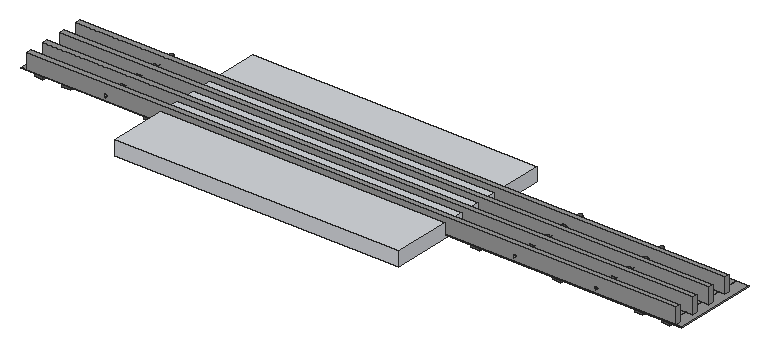
Revit family "1413-4, Solid", category Generic Models, host Face, Revit 2020
Family settings
  Host = Face
  Can host rebar = No
  Round Connector Dimension = Use Diameter
  Part Type = Normal
  Cut with Voids When Loaded = No
  Shared = No
  Room Calculation Point = No
Parameters
  min_value [instance] = 2' - 4"  # constant formula
  max_value [instance] = 11' - 11 1/4"  # constant formula
  actual_value [instance] = if(NET LENGTH < min_value, min_value, if(NET LENGTH > max_value, max_value, NET LENGTH))  # 7' - 11 1/4"
  SCRIM MATERIAL [instance] = SCRIM
  SCRIM APPEARANCE [instance] = yes
  NET LENGTH [instance] = 7' - 11 1/4"
  IMPORTANT NOTE!!!                                                                             *Backer & dowel layout is for visualization purposes only, final layout to be determined by 9Wood. [instance] = ""
  Default Elevation = 4' - 0"
  DOWEL RADIUS [instance] = 0' - 0 1/4"  # constant formula
  BACKER & DOWEL MATERIAL [instance] = BLACK-BACKERS
  .. MEMBER WIDTH [instance] = 0' - 0 3/4"  # constant formula
  .. MEMBER MATERIAL [instance] = Solid Western Hemlock
  .. MEMBER DEPTH [instance] = 0' - 2 1/4"  # constant formula
  .. MEMBER COUNT [instance] = 4  # constant formula
Reference planes (in)
  plane 1 "Center (Front/Back)": y = 0
  plane 2: z = 0
  plane 3 "Center (Left/Right)": x = 0
Forms (in)
  Extrusion 1, solid
    sketch origin (0, 0, 0) x (1, 0, 0) y (0, 1, 0)
      loop
        line (-24.24823, 14.63962) -> (-24.24823, -10.69266) -> (17.36192, -10.69266) -> (17.36192, 14.63962) -> (-24.24823, 14.63962)
    from 0 to 2.0625
Dimensions and locks (in)
  aligned and locked: plane 2 to Extrusion 1
Nested families (in)
  nested 1: "1400 series" at (-44.01308, -2.1224, 0.00189), NET LENGTH <- "actual_value", .. MEMBER DEPTH <- ".. MEMBER DEPTH", .. MEMBER WIDTH <- ".. MEMBER WIDTH", DOWEL RADIUS <- "DOWEL RADIUS", BACKER & DOWEL MATERIAL <- "BACKER & DOWEL MATERIAL", .. MEMBER MATERIAL <- ".. MEMBER MATERIAL", SCRIM MATERIAL <- "SCRIM MATERIAL", MEMBER COUNT <- ".. MEMBER COUNT", SCRIM APPEARANCE <- "SCRIM APPEARANCE", type "1400 series"
    with X 7' - 8", SCRIM MATERIAL SCRIM, SCRIM LENGTH 8' - 1", SCRIM APPEARANCE yes, SCRIM 2 0' - 0 7/8", SCRIM 1 0' - 0 3/32", OC TYP 1' - 0", NET LENGTH 7' - 11 1/4", N 8, MEMBER COUNT 4, INSET 2 0' - 0 3/16", INSET 0' - 1", HALF MEMBER WIDTH 0' - 0 3/8", END BACKER yes, DOWEL RADIUS 0' - 0 1/4", DOWEL INDEX 0' - 11 5/8", DOWEL COUNT 7, BACKING M COUNT 8, BACKER WIDTH 0' - 1 1/4", BACKER INDEX 0' - 5 5/8", BACKER DEPTH 0' - 0 1/2", BACKER & DOWEL MATERIAL BLACK-BACKERS, BACKER &  DOWEL LENGTH 0' - 11 7/8", .. MEMBER WIDTH 0' - 0 3/4", .. MEMBER OC TYP 0' - 3", .. MEMBER MATERIAL Solid Western Hemlock, .. MEMBER DEPTH 0' - 2 1/4"
Definition of nested family "1400 series"
  Parameters (values of type "1400 series")
    X [instance] = NET LENGTH - 0' 3 1/4"  # 7' - 2"
    SCRIM MATERIAL [instance] = none
    SCRIM APPEARANCE [instance] = yes
    SCRIM 2 [instance] = 0' - 0 7/8"  # constant formula
    SCRIM 1 [instance] = 0' - 0 3/32"  # constant formula
    OC TYP [instance] = 1' - 0"  # constant formula
    N [instance] = if((X - (rounddown(X / 1' 0") * 1' 0")) > 1' 0", rounddown(X / 1' 0") + 2, rounddown(X / 1' 0") + 1)  # 8
    MEMBER COUNT [instance] = 2
    INSET 5 = 0' - 0 11/16"  # constant formula
    INSET 2 [instance] = 0' - 0 3/16"  # constant formula
    INSET [instance] = 0' - 1"  # constant formula
    END BACKER [instance] = BACKER INDEX > 0' 3 5/8"  # no
    HALF MEMBER WIDTH [instance] = .. MEMBER WIDTH / 2  # 0' - 1 1/8"
    Default Elevation = 0' - 0"
    DOWEL RADIUS [instance] = 0' - 0 1/4"
    DOWEL INDEX [instance] = BACKER INDEX + 0' 6"  # 0' - 8 5/8"
    DOWEL COUNT [instance] = N - 1  # 7
    BACKER WIDTH [instance] = 0' - 1 1/4"  # constant formula
    BACKER INDEX [instance] = (NET LENGTH - ((N - 1) * 1' 0")) / 2  # 0' - 2 5/8"
    BACKER DEPTH [instance] = 0' - 0 1/2"  # constant formula
    BACKING M COUNT [instance] = N  # 8
    BACKER & DOWEL MATERIAL [instance] = none
    BACKER &  DOWEL LENGTH [instance] = 0' - 11 7/8"  # constant formula
    SCRIM LENGTH [instance] = NET LENGTH + (SCRIM 2 * 2)  # 7' - 7"
    .. MEMBER WIDTH [instance] = 0' - 2 1/4"
    .. MEMBER OC TYP [instance] = 1' 0" / MEMBER COUNT  # 0' - 6"
    .. MEMBER MATERIAL [instance] = none
    NET LENGTH [instance] = 7' - 5 1/4"
    .. MEMBER DEPTH [instance] = 0' - 4"
  Reference planes (in)
    plane 1 "Center (Front/Back)": y = 0
    plane 2: z = 0
    plane 3 "Center (Left/Right)": x = 0
    plane 4: x = 89.25
    plane 5: x = 1
    plane 6: x = 88.25
    plane 7: x = 2.625
    plane 8: x = 8.625
    plane 9: x = 14.625
    plane 10: x = 20.625
    plane 11: y = 0.1875
    plane 12: y = 1.125
    plane 13: y = 7.125
    plane 14: y = 12.0625
    plane 15: x = 90.125
    plane 16: x = -0.875
    plane 17: y = 12.15625
    plane 18: y = -0.09375
    plane 19: z = 2.7097
    plane 20: z = 0.49811
    plane 21: z = 0.56061
    plane 22: z = 1.24811
  Lines and regions (in)
    model lines, not visible
      curve 1: line (8.625, 0, 0.99811) -> (8.625, 0, 1.49811)
      curve 2: line (8.625, 0, 1.49811) -> (8.375, 0, 1.24811)
      curve 3: line (8.375, 0, 1.24811) -> (8.875, 0, 1.24811)
      curve 4: line (20.625, 0, 0.99811) -> (20.625, 0, 1.49811)
      curve 5: line (20.625, 0, 1.49811) -> (20.375, 0, 1.24811)
      curve 6: line (20.375, 0, 1.24811) -> (20.875, 0, 1.24811)
      curve 7: line (32.625, 0, 0.99811) -> (32.625, 0, 1.49811)
      curve 8: line (32.625, 0, 1.49811) -> (32.375, 0, 1.24811)
      curve 9: line (32.375, 0, 1.24811) -> (32.875, 0, 1.24811)
      curve 10: line (44.625, 0, 0.99811) -> (44.625, 0, 1.49811)
      curve 11: line (44.625, 0, 1.49811) -> (44.375, 0, 1.24811)
      curve 12: line (44.375, 0, 1.24811) -> (44.875, 0, 1.24811)
      curve 13: line (56.625, 0, 0.99811) -> (56.625, 0, 1.49811)
      curve 14: line (56.625, 0, 1.49811) -> (56.375, 0, 1.24811)
      curve 15: line (56.375, 0, 1.24811) -> (56.875, 0, 1.24811)
      curve 16: line (68.625, 0, 0.99811) -> (68.625, 0, 1.49811)
      curve 17: line (68.625, 0, 1.49811) -> (68.375, 0, 1.24811)
      curve 18: line (68.375, 0, 1.24811) -> (68.875, 0, 1.24811)
      curve 19: line (80.625, 0, 0.99811) -> (80.625, 0, 1.49811)
      curve 20: line (80.625, 0, 1.49811) -> (80.375, 0, 1.24811)
      curve 21: line (80.375, 0, 1.24811) -> (80.875, 0, 1.24811)
  Dimensions and locks (in)
    "INSET": plane 3 "Center (Left/Right)" to plane 5
    "NET LENGTH": plane 3 "Center (Left/Right)" to plane 4
    "INSET": plane 6 to plane 4
    "BACKER INDEX": plane 3 "Center (Left/Right)" to plane 7
    "DOWEL INDEX": plane 3 "Center (Left/Right)" to plane 8
    "OC TYP": plane 7 to plane 9
    "OC TYP": plane 8 to plane 10
    "INSET 2": plane 1 "Center (Front/Back)" to plane 11
    equal spacing: group 1, group 2, group 5, group 6, group 7, group 13, group 14, group 16  (x3)
    equal spacing: group 3, group 4, group 8, group 9, group 10, group 15, group 17  (x3)
    group 11 to group 12 = 0' - 0"  (x2)
    group 11 to group 12 = 0' - 6"
    ".. MEMBER OC TYP": plane 13 to plane 12
    "HALF MEMBER WIDTH": plane 1 "Center (Front/Back)" to plane 12
    "SCRIM 2": plane 16 to plane 3 "Center (Left/Right)"
    "SCRIM 2": plane 4 to plane 15
    "SCRIM 1": plane 18 to plane 1 "Center (Front/Back)"
    "SCRIM 1": plane 17 to plane 14
    "INSET 5": plane 22 to plane 21
    aligned and locked: level to plane 2
    aligned and locked: plane 7 to nested 2
    aligned and locked: plane 5 to nested 1
    aligned and locked: plane 9 to nested 3
    aligned and locked: nested 1 to plane 5
    aligned and locked: nested 2 to plane 11
    aligned and locked: nested 1 to plane 11
    aligned and locked: nested 3 to plane 11
    aligned and locked: nested 4 to plane 11  (x2)
    aligned and locked: plane 10 to nested 5
    aligned and locked: plane 6 to nested 12
    aligned and locked: nested 5 to plane 11
    aligned and locked: plane 11 to nested 12
    aligned and locked: plane 12 to nested 13
    aligned and locked: nested 14 to plane 13
    aligned and locked: plane 14 to nested 8
    aligned and locked: plane 16 to nested 15
    aligned and locked: nested 15 to plane 18
    aligned and locked: nested 15 to plane 17
    aligned and locked: nested 15 to plane 16  (x2)
    aligned and locked: nested 1 to level
    aligned and locked: level to nested 3
    aligned and locked: plane 20 to nested 2
    aligned and locked: plane 20 to nested 1
    aligned and locked: plane 20 to nested 3
    aligned and locked: nested 12 to plane 20
    aligned and locked: nested 15 to plane 20
    aligned and locked: plane 21 to nested 15
    aligned and locked: nested 13 to plane 21
    aligned and locked: plane 22 to nested 4
    aligned and locked: plane 22 to nested 5
    aligned and locked: nested 13 to plane 8
    aligned and locked: plane 10 to nested 13
    aligned and locked: curve 1 to nested 13
    aligned and locked: nested 13 to curve 4
  Automatic sketch dimensions
    curve 3 to curve 1 = 0' - 0 1/4"  (x2)
    curve 1 to curve 3 = 0' - 0 1/4"
    curve 1 to curve 2 = 0' - 0 1/4"
    curve 6 to curve 4 = 0' - 0 1/4"  (x2)
    curve 4 to curve 6 = 0' - 0 1/4"
    curve 4 to curve 5 = 0' - 0 1/4"
    curve 9 to curve 7 = 0' - 0 1/4"  (x2)
    curve 7 to curve 9 = 0' - 0 1/4"
    curve 7 to curve 8 = 0' - 0 1/4"
    curve 12 to curve 10 = 0' - 0 1/4"  (x2)
    curve 10 to curve 12 = 0' - 0 1/4"
    curve 10 to curve 11 = 0' - 0 1/4"
    curve 15 to curve 13 = 0' - 0 1/4"  (x2)
    curve 13 to curve 15 = 0' - 0 1/4"
    curve 13 to curve 14 = 0' - 0 1/4"
    curve 18 to curve 16 = 0' - 0 1/4"  (x2)
    curve 16 to curve 18 = 0' - 0 1/4"
    curve 16 to curve 17 = 0' - 0 1/4"
    curve 21 to curve 19 = 0' - 0 1/4"  (x2)
    curve 19 to curve 21 = 0' - 0 1/4"
    curve 19 to curve 20 = 0' - 0 1/4"
  Nested families (in)
    nested 1: "INSTANCE - 3RD -  EXTEND BOTH SIDES - Parametric Cube.0001" at (1, 0.1875, 0.49811), Length <- "BACKER &  DOWEL LENGTH", Width <- "BACKER WIDTH", Height <- "BACKER DEPTH", Material <- "BACKER & DOWEL MATERIAL", visible <- "END BACKER", type "INSTANCE - 3RD -  EXTEND BOTH SIDES - Parametric Cube.0001"
      with Width 0' - 1 1/4", Material none, Length 0' - 11 7/8", Height 0' - 0 1/2"
    nested 2: "INSTANCE - 2ND -  EXTEND SIDE H CENTER W - Parametric Cube.0001" at (2.625, 0.1875, 0.49811), Width <- "BACKER WIDTH", Length <- "BACKER &  DOWEL LENGTH", Height <- "BACKER DEPTH", Material <- "BACKER & DOWEL MATERIAL", type "INSTANCE - 2ND -  EXTEND SIDE H CENTER W - Parametric Cube.0001"
      with Width 0' - 1 1/4", Material none, Length 0' - 11 7/8", Height 0' - 0 1/2"
    nested 3: "INSTANCE - 2ND -  EXTEND SIDE H CENTER W - Parametric Cube.0001" at (14.625, 0.1875, 0.49811), Width <- "BACKER WIDTH", Length <- "BACKER &  DOWEL LENGTH", Height <- "BACKER DEPTH", Material <- "BACKER & DOWEL MATERIAL", type "INSTANCE - 2ND -  EXTEND SIDE H CENTER W - Parametric Cube.0001"
      with Width 0' - 1 1/4", Material none, Length 0' - 11 7/8", Height 0' - 0 1/2"
    nested 4: "DOWEL" at (-1.375, 0.1875, 1.24811), DOWEL LENGTH <- "BACKER &  DOWEL LENGTH", DOWEL RADII <- "DOWEL RADIUS", BACKING MEM MATERIAL <- "BACKER & DOWEL MATERIAL", type "DOWEL"
      with DOWEL RADII 0' - 0 1/4", DOWEL LENGTH 0' - 11 7/8", BACKING MEM MATERIAL none
    nested 5: "DOWEL" at (10.625, 0.1875, 1.24811), DOWEL LENGTH <- "BACKER &  DOWEL LENGTH", DOWEL RADII <- "DOWEL RADIUS", BACKING MEM MATERIAL <- "BACKER & DOWEL MATERIAL", type "DOWEL"
      with DOWEL RADII 0' - 0 1/4", DOWEL LENGTH 0' - 11 7/8", BACKING MEM MATERIAL none
    nested 6: "INSTANCE - 2ND -  EXTEND SIDE H CENTER W - Parametric Cube.0001" at (26.625, 0.1875, 0.49811), Width <- "BACKER WIDTH", Length <- "BACKER &  DOWEL LENGTH", Height <- "BACKER DEPTH", Material <- "BACKER & DOWEL MATERIAL", type "INSTANCE - 2ND -  EXTEND SIDE H CENTER W - Parametric Cube.0001"
      with Width 0' - 1 1/4", Material none, Length 0' - 11 7/8", Height 0' - 0 1/2"
    nested 7: "INSTANCE - 2ND -  EXTEND SIDE H CENTER W - Parametric Cube.0001" at (38.625, 0.1875, 0.49811), Width <- "BACKER WIDTH", Length <- "BACKER &  DOWEL LENGTH", Height <- "BACKER DEPTH", Material <- "BACKER & DOWEL MATERIAL", type "INSTANCE - 2ND -  EXTEND SIDE H CENTER W - Parametric Cube.0001"
      with Width 0' - 1 1/4", Material none, Length 0' - 11 7/8", Height 0' - 0 1/2"
    nested 8: "INSTANCE - 2ND -  EXTEND SIDE H CENTER W - Parametric Cube.0001" at (50.625, 0.1875, 0.49811), Width <- "BACKER WIDTH", Length <- "BACKER &  DOWEL LENGTH", Height <- "BACKER DEPTH", Material <- "BACKER & DOWEL MATERIAL", type "INSTANCE - 2ND -  EXTEND SIDE H CENTER W - Parametric Cube.0001"
      with Width 0' - 1 1/4", Material none, Length 0' - 11 7/8", Height 0' - 0 1/2"
    nested 9: "DOWEL" at (22.625, 0.1875, 1.24811), DOWEL LENGTH <- "BACKER &  DOWEL LENGTH", DOWEL RADII <- "DOWEL RADIUS", BACKING MEM MATERIAL <- "BACKER & DOWEL MATERIAL", type "DOWEL"
      with DOWEL RADII 0' - 0 1/4", DOWEL LENGTH 0' - 11 7/8", BACKING MEM MATERIAL none
    nested 10: "DOWEL" at (34.625, 0.1875, 1.24811), DOWEL LENGTH <- "BACKER &  DOWEL LENGTH", DOWEL RADII <- "DOWEL RADIUS", BACKING MEM MATERIAL <- "BACKER & DOWEL MATERIAL", type "DOWEL"
      with DOWEL RADII 0' - 0 1/4", DOWEL LENGTH 0' - 11 7/8", BACKING MEM MATERIAL none
    nested 11: "DOWEL" at (46.625, 0.1875, 1.24811), DOWEL LENGTH <- "BACKER &  DOWEL LENGTH", DOWEL RADII <- "DOWEL RADIUS", BACKING MEM MATERIAL <- "BACKER & DOWEL MATERIAL", type "DOWEL"
      with DOWEL RADII 0' - 0 1/4", DOWEL LENGTH 0' - 11 7/8", BACKING MEM MATERIAL none
    nested 12: "INSTANCE - 3RD -  EXTEND BOTH SIDES - Parametric Cube.0001" at (88.25, 0.1875, 0.49811) x (-1, 0, 0) z (0, 0, 1), Width <- "BACKER WIDTH", Length <- "BACKER &  DOWEL LENGTH", Height <- "BACKER DEPTH", Material <- "BACKER & DOWEL MATERIAL", visible <- "END BACKER", type "INSTANCE - 3RD -  EXTEND BOTH SIDES - Parametric Cube.0001"
      with Width 0' - 1 1/4", Material none, Length 0' - 11 7/8", Height 0' - 0 1/2"
    nested 13: "HOLED MEMBER" at (0, -9.75, 8.12965), DOWEL INDEX <- "DOWEL INDEX", .. MEMBER LENGTH <- "NET LENGTH", .. MEMBER WIDTH <- ".. MEMBER WIDTH", DOWEL OC DIST <- "OC TYP", DOWEL RADII <- "DOWEL RADIUS", Material <- ".. MEMBER MATERIAL", DEPTH <- ".. MEMBER DEPTH", DOWEL COUNT <- "DOWEL COUNT", Space <- "INSET 5", type "HOLED MEMBER"
      with Space 0' - 0 11/16", Material none, Height 0' - 10.43096", HALF MEMBER WIDTH 0' - 1 1/8", DOWEL RADII 0' - 0 1/4", DOWEL OC DIST 1' - 0", DOWEL INDEX 0' - 8 5/8", DOWEL COUNT 7, DEPTH 0' - 4", .. MEMBER WIDTH 0' - 2 1/4", .. MEMBER LENGTH 7' - 5 1/4"
    nested 14: "HOLED MEMBER" at (0, -3.75, 8.12965), DOWEL INDEX <- "DOWEL INDEX", .. MEMBER LENGTH <- "NET LENGTH", .. MEMBER WIDTH <- ".. MEMBER WIDTH", DOWEL OC DIST <- "OC TYP", DOWEL RADII <- "DOWEL RADIUS", Material <- ".. MEMBER MATERIAL", DEPTH <- ".. MEMBER DEPTH", DOWEL COUNT <- "DOWEL COUNT", Space <- "INSET 5", type "HOLED MEMBER"
      with Space 0' - 0 11/16", Material none, Height 0' - 10.43096", HALF MEMBER WIDTH 0' - 1 1/8", DOWEL RADII 0' - 0 1/4", DOWEL OC DIST 1' - 0", DOWEL INDEX 0' - 8 5/8", DOWEL COUNT 7, DEPTH 0' - 4", .. MEMBER WIDTH 0' - 2 1/4", .. MEMBER LENGTH 7' - 5 1/4"
    nested 15: "INSTANCE - 3RD -  EXTEND BOTH SIDES - Parametric Cube.0001" at (-0.875, -0.09375, 0.56061), Width <- "SCRIM LENGTH", Material <- "SCRIM MATERIAL", visible <- "SCRIM APPEARANCE", type "INSTANCE - 3RD -  EXTEND BOTH SIDES - Parametric Cube.0001"
      with Width 7' - 7", Material none, Length 1' - 0 1/4", Height 0' - 0 1/16"
    nested 16: "INSTANCE - 2ND -  EXTEND SIDE H CENTER W - Parametric Cube.0001" at (62.625, 0.1875, 0.49811), Width <- "BACKER WIDTH", Length <- "BACKER &  DOWEL LENGTH", Height <- "BACKER DEPTH", Material <- "BACKER & DOWEL MATERIAL", type "INSTANCE - 2ND -  EXTEND SIDE H CENTER W - Parametric Cube.0001"
      with Width 0' - 1 1/4", Material none, Length 0' - 11 7/8", Height 0' - 0 1/2"
    nested 17: "INSTANCE - 2ND -  EXTEND SIDE H CENTER W - Parametric Cube.0001" at (74.625, 0.1875, 0.49811), Width <- "BACKER WIDTH", Length <- "BACKER &  DOWEL LENGTH", Height <- "BACKER DEPTH", Material <- "BACKER & DOWEL MATERIAL", type "INSTANCE - 2ND -  EXTEND SIDE H CENTER W - Parametric Cube.0001"
      with Width 0' - 1 1/4", Material none, Length 0' - 11 7/8", Height 0' - 0 1/2"
    nested 18: "DOWEL" at (58.625, 0.1875, 1.24811), DOWEL LENGTH <- "BACKER &  DOWEL LENGTH", DOWEL RADII <- "DOWEL RADIUS", BACKING MEM MATERIAL <- "BACKER & DOWEL MATERIAL", type "DOWEL"
      with DOWEL RADII 0' - 0 1/4", DOWEL LENGTH 0' - 11 7/8", BACKING MEM MATERIAL none
    nested 19: "INSTANCE - 2ND -  EXTEND SIDE H CENTER W - Parametric Cube.0001" at (86.625, 0.1875, 0.49811), Width <- "BACKER WIDTH", Length <- "BACKER &  DOWEL LENGTH", Height <- "BACKER DEPTH", Material <- "BACKER & DOWEL MATERIAL", type "INSTANCE - 2ND -  EXTEND SIDE H CENTER W - Parametric Cube.0001"
      with Width 0' - 1 1/4", Material none, Length 0' - 11 7/8", Height 0' - 0 1/2"
    nested 20: "DOWEL" at (70.625, 0.1875, 1.24811), DOWEL LENGTH <- "BACKER &  DOWEL LENGTH", DOWEL RADII <- "DOWEL RADIUS", BACKING MEM MATERIAL <- "BACKER & DOWEL MATERIAL", type "DOWEL"
      with DOWEL RADII 0' - 0 1/4", DOWEL LENGTH 0' - 11 7/8", BACKING MEM MATERIAL none
  Definition of nested family "INSTANCE - 3RD -  EXTEND BOTH SIDES - Parametric Cube.0001"
    Parameters (values of type "INSTANCE - 3RD -  EXTEND BOTH SIDES - Parametric Cube.0001")
      Width [instance] = 0' - 6"
      Material [instance] = none
      Length [instance] = 1' - 0"
      Height [instance] = 1' - 6"
      Default Elevation = 0' - 0"
    Reference planes (in)
      plane 1 "Center (Front/Back)": y = 0
      plane 2: z = 0
      plane 3 "Center (Left/Right)": x = 0
      plane 4: x = 6
      plane 5: y = 12
      plane 6: z = -18
    Forms (in)
      Extrusion 1, solid, material <- "Material"
        sketch origin (0, 6, 0) x (1, 0, 0) y (0, 1, 0)
          loop
            line (0, 6) -> (0, -6) -> (6, -6) -> (6, 6) -> (0, 6)
        from -18 to 0
    Dimensions and locks (in)
      "Height": plane 6 to level
      "Length": plane 1 "Center (Front/Back)" to plane 5
      "Width": plane 3 "Center (Left/Right)" to plane 4
      aligned and locked: plane 2 to level
      aligned and locked: Extrusion 1 sketch curve to plane 4
      aligned and locked: Extrusion 1 to plane 6
      aligned and locked: plane 5 to Extrusion 1
      aligned and locked: Extrusion 1 to plane 3 "Center (Left/Right)"
    Automatic sketch dimensions
      plane 1 "Center (Front/Back)" to Extrusion 1 sketch curve = 0' - 0"
      plane 5 to Extrusion 1 sketch curve = 0' - 0"
      Extrusion 1 sketch curve to plane 3 "Center (Left/Right)" = 0' - 0"
  Definition of nested family "INSTANCE - 2ND -  EXTEND SIDE H CENTER W - Parametric Cube.0001"
    Parameters (values of type "INSTANCE - 2ND -  EXTEND SIDE H CENTER W - Parametric Cube.0001")
      Width [instance] = 0' - 6"
      Material [instance] = none
      Length [instance] = 1' - 0"
      Height [instance] = 1' - 6"
      Default Elevation = 0' - 0"
    Reference planes (in)
      plane 1 "Center (Front/Back)": y = 0
      plane 2: z = 0
      plane 3 "Center (Left/Right)": x = 0
      plane 4: x = -3
      plane 5: x = 3
      plane 6: y = 12
      plane 7: z = -18
    Forms (in)
      Extrusion 1, solid, material <- "Material"
        sketch origin (0, 6, 0) x (1, 0, 0) y (0, 1, 0)
          loop
            line (-3, 6) -> (-3, -6) -> (3, -6) -> (3, 6) -> (-3, 6)
        from -18 to 0
    Dimensions and locks (in)
      equal spacing: plane 4, plane 3 "Center (Left/Right)", plane 5
      "Width": plane 4 to plane 5
      "Height": plane 7 to level
      "Length": plane 1 "Center (Front/Back)" to plane 6
      aligned and locked: plane 2 to level
      aligned and locked: plane 4 to Extrusion 1 sketch curve
      aligned and locked: Extrusion 1 sketch curve to plane 5
      aligned and locked: Extrusion 1 to plane 7
      aligned and locked: plane 6 to Extrusion 1
    Automatic sketch dimensions
      plane 1 "Center (Front/Back)" to Extrusion 1 sketch curve = 0' - 0"
      plane 6 to Extrusion 1 sketch curve = 0' - 0"
  Definition of nested family "DOWEL"
    Parameters (values of type "DOWEL")
      Default Elevation = 0' - 0"
      DOWEL RADII [instance] = 0' - 0 5/8"
      DOWEL LENGTH [instance] = 1' - 0"
      BACKING MEM MATERIAL [instance] = none
    Reference planes (in)
      plane 1 "Center (Front/Back)": y = 0
      plane 2: z = 0
      plane 3 "Center (Left/Right)": x = 0
      plane 4: y = 12
    Forms (in)
      Extrusion 1, solid, material <- "BACKING MEM MATERIAL"
        sketch origin (10, 0, 0) x (1, 0, 0) y (0, 0, 1)
          loop
            circle (0, 0) r 0.625
        from 0 to -12
      Extrusion 2, solid, not visible
        sketch origin (0, 0, 0) x (1, 0, 0) y (0, 0, 1)
          loop
            circle (0, 0) r 0.625
        from 0 to 12
      Extrusion 3, solid, not visible
        sketch origin (10, 0, 0) x (1, 0, 0) y (0, 0, 1)
          loop
            circle (0, 0) r 0.625
        from 0 to 2.5
      Extrusion 4, solid, not visible
        sketch origin (10, 0, 0) x (1, 0, 0) y (0, 0, 1)
          loop
            circle (0, 0) r 0.625
        from 0 to -12
    Lines and regions (in)
      model lines, not visible
        curve 1: line (-13, 0, 0) -> (-13, -12, 0)
        curve 2: line (13, 0, 0) -> (13, -12, 0)
        curve 3: line (9.89453, 0, 0) -> (10.08794, 0, 0)
        curve 4: line (9.89453, -2.5, 0) -> (10.08794, -2.5, 0)
        curve 6: line (10, 0, 0) -> (10, 2, 0)
      model lines
        curve 5: line (10, 0, 0) -> (10, 2, 0)
    Dimensions and locks (in)
      "DOWEL LENGTH": plane 1 "Center (Front/Back)" to plane 4
      "DOWEL RADII": radius of Extrusion 1 sketch curve
      "DOWEL RADII": radius of Extrusion 2 sketch curve
      "DOWEL RADII": radius of Extrusion 3 sketch curve
      "DOWEL RADII": radius of Extrusion 4 sketch curve
      "DOWEL RADII": radius of Extrusion 1
      aligned and locked: plane 2 to level
      aligned and locked: Extrusion 1 to plane 1 "Center (Front/Back)"  (x3)
      aligned and locked: plane 1 "Center (Front/Back)" to Extrusion 1
      aligned and locked: plane 4 to Extrusion 1
    Automatic sketch dimensions
      plane 1 "Center (Front/Back)" to curve 5 = 0' - 0"
      curve 5 to plane 1 "Center (Front/Back)" = 0' - 2"
      plane 3 "Center (Left/Right)" to curve 5 = 0' - 10"
      Extrusion 1 sketch curve to level = 0' - 0"
      plane 3 "Center (Left/Right)" to Extrusion 1 sketch curve = 0' - 10"
  Definition of nested family "HOLED MEMBER"
    Parameters (values of type "HOLED MEMBER")
      Space [instance] = 0' - 0 5/8"
      Material [instance] = none
      Height [instance] = 0' - 10.43096"
      HALF MEMBER WIDTH [instance] = .. MEMBER WIDTH / 2  # 0' - 0 5/16"
      Default Elevation = 0' - 0"
      DOWEL RADII [instance] = 0' - 0.34537"
      DOWEL OC DIST [instance] = 1' - 0"
      DOWEL INSET = 0' - 0 5/8"
      DOWEL INDEX [instance] = 0' - 5 5/8"
      DOWEL COUNT [instance] = 6
      DEPTH [instance] = 0' - 2"
      .. MEMBER WIDTH [instance] = 0' - 0 5/8"
      .. MEMBER LENGTH [instance] = 5' - 11 3/4"
    Reference planes (in)
      plane 1 "Center (Front/Back)": y = 12
      plane 2: z = -7.56904
      plane 3 "Center (Left/Right)": x = 0
      plane 4: x = 5.625
      plane 5: x = 17.625
      plane 6: y = 11.375
      plane 7: x = 71.75
      plane 8: y = 11.6875
      plane 9: z = -6.94404
      plane 10: z = -5.56904
    Forms (in)
      Extrusion 1, solid, material <- "Material"
        sketch origin (0, 12, -13.56904) x (1, 0, 0) y (0, 0, 1)
          loop
            line (0, 6) -> (71.75, 6) -> (71.75, 8) -> (0, 8) -> (0, 6)
        from 0.625 to 0
      Extrusion 2, void
        sketch origin (0, 12, -18.31904) x (1, 0, 0) y (0, 0, 1)
          loop
            circle (5.625, 11.375) r 0.34537
        from 0 to 12
      Extrusion 3, void, not visible
        sketch origin (0, 0, 0) x (1, 0, 0) y (0, 1, 0)
          loop
            circle (5.625, 11.375) r 0.34537
        from 0 to 12
      Extrusion 4, void, not visible
        sketch origin (0, 0, 0) x (1, 0, 0) y (0, 1, 0)
          loop
            circle (5.625, 11.375) r 0.34537
        from 0 to 12
      Extrusion 5, void, not visible
        sketch origin (12, 0, 0) x (1, 0, 0) y (0, 1, 0)
          loop
            circle (5.625, 11.375) r 0.34537
        from 0 to 12
      Extrusion 6, void, not visible
        sketch origin (0, 12, -17.56904) x (1, 0, 0) y (0, 0, 1)
          loop
            circle (5.625, 11.375) r 0.34537
        from 0 to 12
      Extrusion 7, void, not visible
        sketch origin (12, 12, -17.56904) x (1, 0, 0) y (0, 0, 1)
          loop
            circle (5.625, 11.375) r 0.34537
        from 0 to 12
      Extrusion 8, void, not visible
        sketch origin (0, 12, -19.56904) x (1, 0, 0) y (0, 0, 1)
          loop
            circle (5.625, 11.375) r 0.34537
        from 0 to 12
      Extrusion 9, void
        sketch origin (12, 12, -18.31904) x (1, 0, 0) y (0, 0, 1)
          loop
            circle (5.625, 11.375) r 0.34537
        from 0 to 12
      Extrusion 10, void
        sketch origin (24, 12, -18.31904) x (1, 0, 0) y (0, 0, 1)
          loop
            circle (5.625, 11.375) r 0.34537
        from 0 to 12
      Extrusion 11, void
        sketch origin (36, 12, -18.31904) x (1, 0, 0) y (0, 0, 1)
          loop
            circle (5.625, 11.375) r 0.34537
        from 0 to 12
      Extrusion 12, void
        sketch origin (48, 12, -18.31904) x (1, 0, 0) y (0, 0, 1)
          loop
            circle (5.625, 11.375) r 0.34537
        from 0 to 12
      Extrusion 13, void
        sketch origin (60, 12, -18.31904) x (1, 0, 0) y (0, 0, 1)
          loop
            circle (5.625, 11.375) r 0.34537
        from 0 to 12
      Extrusion 14, void, not visible
        sketch origin (24, 12, -17.56904) x (1, 0, 0) y (0, 0, 1)
          loop
            circle (5.625, 11.375) r 0.34537
        from 0 to 12
      Extrusion 15, void, not visible
        sketch origin (36, 12, -17.56904) x (1, 0, 0) y (0, 0, 1)
          loop
            circle (5.625, 11.375) r 0.34537
        from 0 to 12
      Extrusion 16, void, not visible
        sketch origin (48, 12, -17.56904) x (1, 0, 0) y (0, 0, 1)
          loop
            circle (5.625, 11.375) r 0.34537
        from 0 to 12
      Extrusion 17, void, not visible
        sketch origin (60, 12, -17.56904) x (1, 0, 0) y (0, 0, 1)
          loop
            circle (5.625, 11.375) r 0.34537
        from 0 to 12
      Extrusion 18, void, not visible
        sketch origin (24, 0, 0) x (1, 0, 0) y (0, 1, 0)
          loop
            circle (5.625, 11.375) r 0.34537
        from 0 to 12
      Extrusion 19, void, not visible
        sketch origin (36, 0, 0) x (1, 0, 0) y (0, 1, 0)
          loop
            circle (5.625, 11.375) r 0.34537
        from 0 to 12
      Extrusion 20, void, not visible
        sketch origin (48, 0, 0) x (1, 0, 0) y (0, 1, 0)
          loop
            circle (5.625, 11.375) r 0.34537
        from 0 to 12
      Extrusion 21, void, not visible
        sketch origin (60, 0, 0) x (1, 0, 0) y (0, 1, 0)
          loop
            circle (5.625, 11.375) r 0.34537
        from 0 to 12
    Cuts and joins
      Extrusion 2, Extrusion 9, Extrusion 10, Extrusion 11, Extrusion 12, Extrusion 13 cuts Extrusion 1
    Lines and regions (in)
      model lines, not visible
        curve 1: line (5.625, 11.72037, 0) -> (5.625, 11.02963, 0)
        curve 2: line (5.625, 11.72037, 0) -> (5.625, 11.02963, 0)
        curve 3: line (17.625, 11.72037, 0) -> (17.625, 11.02963, 0)
        curve 4: line (5.625, 12, -7.56904) -> (5.625, 11.87317, -7.56904)
        curve 5: line (5.625, 11.87317, -7.56904) -> (5.06195, 11.87317, -7.56904)
        curve 6: line (5.06195, 11.87317, -7.56904) -> (5.27963, 11.375, -7.56904)
        curve 7: line (0, 12, -6.19404) -> (0, 11.61951, -6.19404)
        curve 9: line (0, 11.375, -8.19404) -> (0, 11.6747, -8.19404)
        curve 10: line (5.625, 12, -7.56904) -> (5.625, 11.69863, -7.56904)
        curve 11: line (5.625, 12, -7.56904) -> (5.625, 11.69863, -7.56904)
        curve 12: line (5.625, 10.75, 0) -> (5.625, 10.75, 0.30137)
        curve 13: line (5.625, 10.75, 0) -> (5.625, 10.75, 0.30137)
        curve 14: line (17.625, 10.75, 0) -> (17.625, 10.75, 0.30137)
        curve 15: line (5.625, 12, -6.81904) -> (5.625, 11.69863, -6.81904)
        curve 16: line (17.625, 12, -6.81904) -> (17.625, 11.69863, -6.81904)
        curve 17: line (5.625, 12, -8.81904) -> (5.625, 11.69863, -8.81904)
        curve 18: line (17.625, 12, -7.56904) -> (17.625, 11.69863, -7.56904)
        curve 19: line (29.625, 12, -7.56904) -> (29.625, 11.69863, -7.56904)
        curve 20: line (41.625, 12, -7.56904) -> (41.625, 11.69863, -7.56904)
        curve 21: line (53.625, 12, -7.56904) -> (53.625, 11.69863, -7.56904)
        curve 22: line (65.625, 12, -7.56904) -> (65.625, 11.69863, -7.56904)
        curve 23: line (29.625, 12, -6.81904) -> (29.625, 11.69863, -6.81904)
        curve 24: line (41.625, 12, -6.81904) -> (41.625, 11.69863, -6.81904)
        curve 25: line (53.625, 12, -6.81904) -> (53.625, 11.69863, -6.81904)
        curve 26: line (65.625, 12, -6.81904) -> (65.625, 11.69863, -6.81904)
        curve 27: line (29.625, 11.72037, 0) -> (29.625, 11.02963, 0)
        curve 28: line (29.625, 10.75, 0) -> (29.625, 10.75, 0.30137)
        curve 29: line (41.625, 11.72037, 0) -> (41.625, 11.02963, 0)
        curve 30: line (41.625, 10.75, 0) -> (41.625, 10.75, 0.30137)
        curve 31: line (53.625, 11.72037, 0) -> (53.625, 11.02963, 0)
        curve 32: line (53.625, 10.75, 0) -> (53.625, 10.75, 0.30137)
        curve 33: line (65.625, 11.72037, 0) -> (65.625, 11.02963, 0)
        curve 34: line (65.625, 10.75, 0) -> (65.625, 10.75, 0.30137)
        curve 35: line (5.27963, 12, -6.94404) -> (5.97037, 12, -6.94404)
        curve 36: line (5.97037, 12, -6.94404) -> (5.625, 12, -6.59867)
        curve 37: line (5.625, 12, -6.59867) -> (5.625, 12, -7.28941)
        curve 38: line (5.27963, 11.375, 0) -> (5.97037, 11.375, 0)
        curve 39: line (5.97037, 11.375, 0) -> (5.625, 11.72037, 0)
        curve 40: line (5.625, 11.72037, 0) -> (5.625, 11.02963, 0)
        curve 41: line (5.27963, 11.375, 0) -> (5.97037, 11.375, 0)
        curve 42: line (5.97037, 11.375, 0) -> (5.625, 11.72037, 0)
        curve 43: line (5.625, 11.72037, 0) -> (5.625, 11.02963, 0)
        curve 44: line (17.27963, 11.375, 0) -> (17.97037, 11.375, 0)
        curve 45: line (17.97037, 11.375, 0) -> (17.625, 11.72037, 0)
        curve 46: line (17.625, 11.72037, 0) -> (17.625, 11.02963, 0)
        curve 47: line (5.27963, 12, -6.19404) -> (5.97037, 12, -6.19404)
        curve 48: line (5.97037, 12, -6.19404) -> (5.625, 12, -5.84867)
        curve 49: line (5.625, 12, -5.84867) -> (5.625, 12, -6.53941)
        curve 50: line (17.27963, 12, -6.19404) -> (17.97037, 12, -6.19404)
        curve 51: line (17.97037, 12, -6.19404) -> (17.625, 12, -5.84867)
        curve 52: line (17.625, 12, -5.84867) -> (17.625, 12, -6.53941)
        curve 53: line (5.27963, 12, -8.19404) -> (5.97037, 12, -8.19404)
        curve 54: line (5.97037, 12, -8.19404) -> (5.625, 12, -7.84867)
        curve 55: line (5.625, 12, -7.84867) -> (5.625, 12, -8.53941)
        curve 56: line (17.27963, 12, -6.94404) -> (17.97037, 12, -6.94404)
        curve 57: line (17.97037, 12, -6.94404) -> (17.625, 12, -6.59867)
        curve 58: line (17.625, 12, -6.59867) -> (17.625, 12, -7.28941)
        curve 59: line (29.27963, 12, -6.94404) -> (29.97037, 12, -6.94404)
        curve 60: line (29.97037, 12, -6.94404) -> (29.625, 12, -6.59867)
        curve 61: line (29.625, 12, -6.59867) -> (29.625, 12, -7.28941)
        curve 62: line (41.27963, 12, -6.94404) -> (41.97037, 12, -6.94404)
        curve 63: line (41.97037, 12, -6.94404) -> (41.625, 12, -6.59867)
        curve 64: line (41.625, 12, -6.59867) -> (41.625, 12, -7.28941)
        curve 65: line (53.27963, 12, -6.94404) -> (53.97037, 12, -6.94404)
        curve 66: line (53.97037, 12, -6.94404) -> (53.625, 12, -6.59867)
        curve 67: line (53.625, 12, -6.59867) -> (53.625, 12, -7.28941)
        curve 68: line (65.27963, 12, -6.94404) -> (65.97037, 12, -6.94404)
        curve 69: line (65.97037, 12, -6.94404) -> (65.625, 12, -6.59867)
        curve 70: line (65.625, 12, -6.59867) -> (65.625, 12, -7.28941)
        curve 71: line (29.27963, 12, -6.19404) -> (29.97037, 12, -6.19404)
        curve 72: line (29.97037, 12, -6.19404) -> (29.625, 12, -5.84867)
        curve 73: line (29.625, 12, -5.84867) -> (29.625, 12, -6.53941)
        curve 74: line (41.27963, 12, -6.19404) -> (41.97037, 12, -6.19404)
        curve 75: line (41.97037, 12, -6.19404) -> (41.625, 12, -5.84867)
        curve 76: line (41.625, 12, -5.84867) -> (41.625, 12, -6.53941)
        curve 77: line (53.27963, 12, -6.19404) -> (53.97037, 12, -6.19404)
        curve 78: line (53.97037, 12, -6.19404) -> (53.625, 12, -5.84867)
        curve 79: line (53.625, 12, -5.84867) -> (53.625, 12, -6.53941)
        curve 80: line (65.27963, 12, -6.19404) -> (65.97037, 12, -6.19404)
        curve 81: line (65.97037, 12, -6.19404) -> (65.625, 12, -5.84867)
        curve 82: line (65.625, 12, -5.84867) -> (65.625, 12, -6.53941)
        curve 83: line (29.27963, 11.375, 0) -> (29.97037, 11.375, 0)
        curve 84: line (29.97037, 11.375, 0) -> (29.625, 11.72037, 0)
        curve 85: line (29.625, 11.72037, 0) -> (29.625, 11.02963, 0)
        curve 86: line (41.27963, 11.375, 0) -> (41.97037, 11.375, 0)
        curve 87: line (41.97037, 11.375, 0) -> (41.625, 11.72037, 0)
        curve 88: line (41.625, 11.72037, 0) -> (41.625, 11.02963, 0)
        curve 89: line (53.27963, 11.375, 0) -> (53.97037, 11.375, 0)
        curve 90: line (53.97037, 11.375, 0) -> (53.625, 11.72037, 0)
        curve 91: line (53.625, 11.72037, 0) -> (53.625, 11.02963, 0)
        curve 92: line (65.27963, 11.375, 0) -> (65.97037, 11.375, 0)
        curve 93: line (65.97037, 11.375, 0) -> (65.625, 11.72037, 0)
        curve 94: line (65.625, 11.72037, 0) -> (65.625, 11.02963, 0)
      model lines
        curve 8: line (5.625, 12, -7.56904) -> (5.625, 11.69863, -7.56904)
    Dimensions and locks (in)
      "DOWEL INDEX": plane 3 "Center (Left/Right)" to plane 4
      "DOWEL OC DIST": plane 4 to plane 5
      ".. MEMBER LENGTH": plane 3 "Center (Left/Right)" to plane 7
      equal spacing: group 3, group 4, group 21, group 22, group 23, group 24  (x3)
      equal spacing: group 7, group 8, group 17, group 18, group 19, group 20  (x3)
      ".. MEMBER WIDTH": plane 6 to plane 1 "Center (Front/Back)"
      "HALF MEMBER WIDTH": plane 8 to plane 1 "Center (Front/Back)"
      equal spacing: group 1, group 12, group 13, group 14, group 15, group 16  (x2)
      equal spacing: group 16, group 15, group 14, group 13, group 12, group 1
      "DEPTH": plane 10 to level
      "Space": plane 9 to level
      "DOWEL RADII": radius of Extrusion 2 sketch curve
      "DOWEL RADII": radius of Extrusion 3 sketch curve
      "DOWEL RADII": radius of Extrusion 4 sketch curve
      "DOWEL RADII": radius of Extrusion 5 sketch curve
      "DOWEL RADII": radius of Extrusion 6 sketch curve
      "DOWEL RADII": radius of Extrusion 7 sketch curve
      "DOWEL RADII": radius of Extrusion 8 sketch curve
      "DOWEL RADII": radius of Extrusion 9 sketch curve
      "DOWEL RADII": radius of Extrusion 10 sketch curve
      "DOWEL RADII": radius of Extrusion 11 sketch curve
      "DOWEL RADII": radius of Extrusion 12 sketch curve
      "DOWEL RADII": radius of Extrusion 13 sketch curve
      "DOWEL RADII": radius of Extrusion 14 sketch curve
      "DOWEL RADII": radius of Extrusion 15 sketch curve
      "DOWEL RADII": radius of Extrusion 16 sketch curve
      "DOWEL RADII": radius of Extrusion 17 sketch curve
      "DOWEL RADII": radius of Extrusion 18 sketch curve
      "DOWEL RADII": radius of Extrusion 19 sketch curve
      "DOWEL RADII": radius of Extrusion 20 sketch curve
      "DOWEL RADII": radius of Extrusion 21 sketch curve
      aligned and locked: level to plane 2
      aligned and locked: Extrusion 1 to plane 3 "Center (Left/Right)"  (x2)
      aligned and locked: plane 7 to cut or joined group of Extrusion 1, Extrusion 2, Extrusion 9, Extrusion 10, Extrusion 11, Extrusion 12, Extrusion 13  (x2)
      aligned and locked: cut or joined group of Extrusion 1, Extrusion 2, Extrusion 9, Extrusion 10, Extrusion 11, Extrusion 12, Extrusion 13 to plane 1 "Center (Front/Back)"  (x2)
      aligned and locked: cut or joined group of Extrusion 1, Extrusion 2, Extrusion 9, Extrusion 10, Extrusion 11, Extrusion 12, Extrusion 13 to plane 6  (x2)
      aligned and locked: plane 4 to curve 11
      aligned and locked: curve 18 to plane 5
      aligned and locked: plane 4 to group 1
      aligned and locked: group 12 to plane 5
      aligned and locked: curve 35 to plane 9
      aligned and locked: plane 4 to curve 37
      aligned and locked: curve 56 to plane 9
      aligned and locked: curve 58 to plane 5
      aligned and locked: plane 10 to cut or joined group of Extrusion 1, Extrusion 2, Extrusion 9, Extrusion 10, Extrusion 11, Extrusion 12, Extrusion 13  (x2)
      aligned and locked: cut or joined group of Extrusion 1, Extrusion 2, Extrusion 9, Extrusion 10, Extrusion 11, Extrusion 12, Extrusion 13 to level
      aligned and locked: level to cut or joined group of Extrusion 1, Extrusion 2, Extrusion 9, Extrusion 10, Extrusion 11, Extrusion 12, Extrusion 13
    Automatic sketch dimensions
      curve 1 to curve 1 = 0' - 0.69074"
      curve 2 to curve 2 = 0' - 0.69074"
      curve 3 to curve 3 = 0' - 0.69074"
      Extrusion 1 sketch curve to plane 3 "Center (Left/Right)" = 0' - 0"
      Extrusion 1 sketch curve to plane 7 = 0' - 0"
      Extrusion 1 sketch curve to Extrusion 1 sketch curve = 0' - 2"
      Extrusion 1 sketch curve to level = 0' - 0"
      curve 8 to curve 8 = 0' - 0.30137"
      curve 10 to curve 10 = 0' - 0.30137"
      curve 8 to plane 4 = 0' - 0"
      plane 1 "Center (Front/Back)" to curve 8 = 0' - 0"
      plane 1 "Center (Front/Back)" to curve 8 = 0' - 0.30137"
      curve 11 to curve 11 = 0' - 0.30137"
      curve 12 to curve 12 = 0' - 0.30137"
      curve 13 to curve 13 = 0' - 0.30137"
      curve 14 to curve 14 = 0' - 0.30137"
      curve 15 to curve 15 = 0' - 0.30137"
      curve 16 to curve 16 = 0' - 0.30137"
      curve 17 to curve 17 = 0' - 0.30137"
      curve 18 to curve 18 = 0' - 0.30137"
      curve 19 to curve 19 = 0' - 0.30137"
      curve 20 to curve 20 = 0' - 0.30137"
      curve 21 to curve 21 = 0' - 0.30137"
      curve 22 to curve 22 = 0' - 0.30137"
      curve 23 to curve 23 = 0' - 0.30137"
      curve 24 to curve 24 = 0' - 0.30137"
      curve 25 to curve 25 = 0' - 0.30137"
      curve 26 to curve 26 = 0' - 0.30137"
      curve 27 to curve 27 = 0' - 0.69074"
      curve 28 to curve 28 = 0' - 0.30137"
      curve 29 to curve 29 = 0' - 0.69074"
      curve 30 to curve 30 = 0' - 0.30137"
      curve 31 to curve 31 = 0' - 0.69074"
      curve 32 to curve 32 = 0' - 0.30137"
      curve 33 to curve 33 = 0' - 0.69074"
      curve 34 to curve 34 = 0' - 0.30137"
      curve 37 to curve 35 = 0' - 0.34537"  (x2)
      curve 35 to curve 36 = 0' - 0.34537"
      curve 35 to curve 37 = 0' - 0.34537"
      curve 40 to curve 38 = 0' - 0.34537"  (x2)
      curve 38 to curve 39 = 0' - 0.34537"
      curve 38 to curve 40 = 0' - 0.34537"
      curve 43 to curve 41 = 0' - 0.34537"  (x2)
      curve 41 to curve 42 = 0' - 0.34537"
      curve 41 to curve 43 = 0' - 0.34537"
      curve 46 to curve 44 = 0' - 0.34537"  (x2)
      curve 44 to curve 45 = 0' - 0.34537"
      curve 44 to curve 46 = 0' - 0.34537"
      curve 49 to curve 47 = 0' - 0.34537"  (x2)
      curve 47 to curve 48 = 0' - 0.34537"
      curve 47 to curve 49 = 0' - 0.34537"
      curve 52 to curve 50 = 0' - 0.34537"  (x2)
      curve 50 to curve 51 = 0' - 0.34537"
      curve 50 to curve 52 = 0' - 0.34537"
      curve 55 to curve 53 = 0' - 0.34537"  (x2)
      curve 53 to curve 54 = 0' - 0.34537"
      curve 53 to curve 55 = 0' - 0.34537"
      curve 58 to curve 56 = 0' - 0.34537"  (x2)
      curve 56 to curve 57 = 0' - 0.34537"
      curve 56 to curve 58 = 0' - 0.34537"
      curve 61 to curve 59 = 0' - 0.34537"  (x2)
      curve 59 to curve 60 = 0' - 0.34537"
      curve 59 to curve 61 = 0' - 0.34537"
      curve 64 to curve 62 = 0' - 0.34537"  (x2)
      curve 62 to curve 63 = 0' - 0.34537"
      curve 62 to curve 64 = 0' - 0.34537"
      curve 67 to curve 65 = 0' - 0.34537"  (x2)
      curve 65 to curve 66 = 0' - 0.34537"
      curve 65 to curve 67 = 0' - 0.34537"
      curve 70 to curve 68 = 0' - 0.34537"  (x2)
      curve 68 to curve 69 = 0' - 0.34537"
      curve 68 to curve 70 = 0' - 0.34537"
      curve 73 to curve 71 = 0' - 0.34537"  (x2)
      curve 71 to curve 72 = 0' - 0.34537"
      curve 71 to curve 73 = 0' - 0.34537"
      curve 76 to curve 74 = 0' - 0.34537"  (x2)
      curve 74 to curve 75 = 0' - 0.34537"
      curve 74 to curve 76 = 0' - 0.34537"
      curve 79 to curve 77 = 0' - 0.34537"  (x2)
      curve 77 to curve 78 = 0' - 0.34537"
      curve 77 to curve 79 = 0' - 0.34537"
      curve 82 to curve 80 = 0' - 0.34537"  (x2)
      curve 80 to curve 81 = 0' - 0.34537"
      curve 80 to curve 82 = 0' - 0.34537"
      curve 85 to curve 83 = 0' - 0.34537"  (x2)
      curve 83 to curve 84 = 0' - 0.34537"
      curve 83 to curve 85 = 0' - 0.34537"
      curve 88 to curve 86 = 0' - 0.34537"  (x2)
      curve 86 to curve 87 = 0' - 0.34537"
      curve 86 to curve 88 = 0' - 0.34537"
      curve 91 to curve 89 = 0' - 0.34537"  (x2)
      curve 89 to curve 90 = 0' - 0.34537"
      curve 89 to curve 91 = 0' - 0.34537"
      curve 94 to curve 92 = 0' - 0.34537"  (x2)
      curve 92 to curve 93 = 0' - 0.34537"
      curve 92 to curve 94 = 0' - 0.34537"
